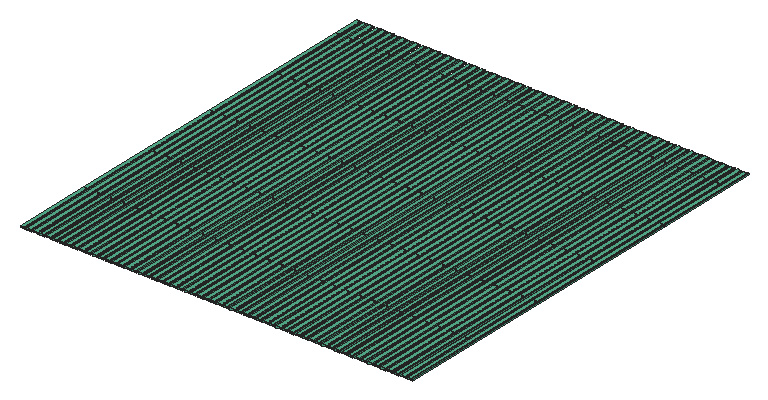
Revit family "2313-4, Softwood", category Generic Models, host Ceiling, Revit 2020
Family settings
  Host = Ceiling
  Can host rebar = No
  Round Connector Dimension = Use Diameter
  Part Type = Normal
  Always vertical = Yes
  Cut with Voids When Loaded = No
  Shared = No
  Room Calculation Point = No
Parameters
  OC SPACING [instance] = .. MEMBER WIDTH + 0' 0 3/4"  # 0' - 3"
  PROJECT WIDTH [instance] = 15' - 0"
  PROJECT LENGTH [instance] = 16' - 0"
  PANELS COUNT 2 [instance] = rounddown((PROJECT LENGTH - .. MEMBER LENGTH 3) / .. MEMBER LENGTH 2)  # 2
  PANELS COUNT [instance] = rounddown(PROJECT LENGTH / .. MEMBER LENGTH 2)  # 2
  MEMBER WIDTH COUNT 2 [instance] = (PROJECT WIDTH / OC SPACING) / 2  # 30
  .. MEMBER WIDTH COUNT [instance] = (PROJECT WIDTH / OC SPACING) / 2  # 30
  .. MEMBER MATERIAL [instance] = 9WOOD WESTERN HEMLOCK
  .. MEMBER LENGTH 4 [instance] = ((PROJECT LENGTH - .. MEMBER LENGTH 3) - (PANELS COUNT 2 * .. MEMBER LENGTH 2))  # 1' - 0"
  .. MEMBER LENGTH 3 [instance] = .. MEMBER LENGTH 2 / 2  # 3' - 0"
  INDENT [instance] = 0' - 0 5/8"
  Default Elevation = 0' - 0"
  .. MEMBER WIDTH [instance] = 0' - 2 1/4"  # constant formula
  .. MEMBER LENGTH 2 [instance] = 6' - 0"
  .. MEMBER LENGTH [instance] = PROJECT LENGTH - (PANELS COUNT * .. MEMBER LENGTH 2)  # 4' - 0"
  .. MEMBER DEPTH [instance] = 0' - 0 5/8"
Reference planes (in)
  plane 1 "Center (Front/Back)": y = 0
  plane 2 "Ceiling": z = 96
  plane 3 "Center (Left/Right)": x = 0
  plane 4: y = 72
  plane 5: y = 144
  plane 6: y = 108
  plane 7: y = 36
  plane 8: y = 192
  plane 9: y = 144
  plane 10: y = 180
  plane 11: x = 180
  plane 12: x = 3
Dimensions and locks (in)
  equal spacing: host sketch curve, plane 3 "Center (Left/Right)", host sketch curve
  equal spacing: host sketch curve, plane 1 "Center (Front/Back)", host sketch curve
  host sketch curve to host sketch curve = 10' - 0"  (x2)
  group 1 to group 2 = 0' - 0"  (x2)
  group 1 to group 2 = 6' - 0"
  ".. MEMBER LENGTH 2": plane 5 to plane 4
  ".. MEMBER LENGTH 2": plane 6 to plane 7
  "PROJECT LENGTH": plane 1 "Center (Front/Back)" to plane 8
  group 3 to group 4 = 0' - 0"  (x2)
  group 3 to group 4 = 6' - 0"
  ".. MEMBER LENGTH 3": plane 1 "Center (Front/Back)" to plane 7
  ".. MEMBER LENGTH 2": plane 1 "Center (Front/Back)" to plane 4
  ".. MEMBER LENGTH": plane 8 to plane 9
  ".. MEMBER LENGTH 4": plane 8 to plane 10
  "PROJECT WIDTH": plane 3 "Center (Left/Right)" to plane 11
  "OC SPACING": plane 3 "Center (Left/Right)" to plane 12
  aligned and locked: plane 1 "Center (Front/Back)" to nested 1
  aligned and locked: nested 2 to plane 4
  aligned and locked: nested 4 to plane 4
  aligned and locked: plane 7 to nested 3
  aligned and locked: plane 6 to nested 3
  aligned and locked: nested 6 to plane 6
  aligned and locked: nested 5 to plane 9
  aligned and locked: nested 7 to plane 10
  aligned and locked: plane 12 to nested 2
  aligned and locked: plane 12 to nested 4
  aligned and locked: plane 12 to nested 5
Nested families (in)
  nested 1: "(COPY 1) 2300 STAGGERED" at (0, 0, 85.44644), .. MEMBER DEPTH <- ".. MEMBER DEPTH", .. MEMBER WIDTH <- ".. MEMBER WIDTH", INDENT <- "INDENT", MEMBER LENGTH <- ".. MEMBER LENGTH 3", REVEAL <- "OC SPACING", MEMBER 1 COUNT <- ".. MEMBER WIDTH COUNT", .. MEMBER MATERIAL <- ".. MEMBER MATERIAL", type "(COPY 1) 2300 STAGGERED"
    with REVEAL X2 0' - 6", REVEAL 0' - 3", MEMBER LENGTH 2 1' - 6", MEMBER LENGTH 3' - 0", MEMBER COUNT 2 5, MEMBER 1 COUNT 30, INDENT 0' - 0 5/8", .. MEMBER WIDTH 0' - 2 1/4", .. MEMBER MATERIAL 9WOOD WESTERN HEMLOCK, .. MEMBER DEPTH 0' - 0 5/8"
  nested 2: "(COPY 1) 2300 STAGGERED" at (3, 0, 85.44644), .. MEMBER DEPTH <- ".. MEMBER DEPTH", .. MEMBER WIDTH <- ".. MEMBER WIDTH", INDENT <- "INDENT", MEMBER LENGTH <- ".. MEMBER LENGTH 2", MEMBER 1 COUNT <- "MEMBER WIDTH COUNT 2", REVEAL <- "OC SPACING", .. MEMBER MATERIAL <- ".. MEMBER MATERIAL", type "(COPY 1) 2300 STAGGERED"
    with REVEAL X2 0' - 6", REVEAL 0' - 3", MEMBER LENGTH 2 3' - 0", MEMBER LENGTH 6' - 0", MEMBER COUNT 2 5, MEMBER 1 COUNT 30, INDENT 0' - 0 5/8", .. MEMBER WIDTH 0' - 2 1/4", .. MEMBER MATERIAL 9WOOD WESTERN HEMLOCK, .. MEMBER DEPTH 0' - 0 5/8"
  nested 3: "(COPY 1) 2300 STAGGERED" at (0, 36, 85.44644), .. MEMBER DEPTH <- ".. MEMBER DEPTH", .. MEMBER WIDTH <- ".. MEMBER WIDTH", INDENT <- "INDENT", MEMBER LENGTH <- ".. MEMBER LENGTH 2", MEMBER 1 COUNT <- ".. MEMBER WIDTH COUNT", REVEAL <- "OC SPACING", .. MEMBER MATERIAL <- ".. MEMBER MATERIAL", type "(COPY 1) 2300 STAGGERED"
    with REVEAL X2 0' - 6", REVEAL 0' - 3", MEMBER LENGTH 2 3' - 0", MEMBER LENGTH 6' - 0", MEMBER COUNT 2 5, MEMBER 1 COUNT 30, INDENT 0' - 0 5/8", .. MEMBER WIDTH 0' - 2 1/4", .. MEMBER MATERIAL 9WOOD WESTERN HEMLOCK, .. MEMBER DEPTH 0' - 0 5/8"
  nested 4: "(COPY 1) 2300 STAGGERED" at (3, 72, 85.44644), .. MEMBER DEPTH <- ".. MEMBER DEPTH", .. MEMBER WIDTH <- ".. MEMBER WIDTH", INDENT <- "INDENT", MEMBER LENGTH <- ".. MEMBER LENGTH 2", MEMBER 1 COUNT <- "MEMBER WIDTH COUNT 2", REVEAL <- "OC SPACING", .. MEMBER MATERIAL <- ".. MEMBER MATERIAL", type "(COPY 1) 2300 STAGGERED"
    with REVEAL X2 0' - 6", REVEAL 0' - 3", MEMBER LENGTH 2 3' - 0", MEMBER LENGTH 6' - 0", MEMBER COUNT 2 5, MEMBER 1 COUNT 30, INDENT 0' - 0 5/8", .. MEMBER WIDTH 0' - 2 1/4", .. MEMBER MATERIAL 9WOOD WESTERN HEMLOCK, .. MEMBER DEPTH 0' - 0 5/8"
  nested 5: "(COPY 1) 2300 STAGGERED" at (3, 144, 85.44644), .. MEMBER DEPTH <- ".. MEMBER DEPTH", .. MEMBER WIDTH <- ".. MEMBER WIDTH", INDENT <- "INDENT", MEMBER LENGTH <- ".. MEMBER LENGTH", REVEAL <- "OC SPACING", MEMBER 1 COUNT <- "MEMBER WIDTH COUNT 2", .. MEMBER MATERIAL <- ".. MEMBER MATERIAL", type "(COPY 1) 2300 STAGGERED"
    with REVEAL X2 0' - 6", REVEAL 0' - 3", MEMBER LENGTH 2 2' - 0", MEMBER LENGTH 4' - 0", MEMBER COUNT 2 5, MEMBER 1 COUNT 30, INDENT 0' - 0 5/8", .. MEMBER WIDTH 0' - 2 1/4", .. MEMBER MATERIAL 9WOOD WESTERN HEMLOCK, .. MEMBER DEPTH 0' - 0 5/8"
  nested 6: "(COPY 1) 2300 STAGGERED" at (0, 108, 85.44644), .. MEMBER DEPTH <- ".. MEMBER DEPTH", .. MEMBER WIDTH <- ".. MEMBER WIDTH", INDENT <- "INDENT", MEMBER LENGTH <- ".. MEMBER LENGTH 2", MEMBER 1 COUNT <- ".. MEMBER WIDTH COUNT", REVEAL <- "OC SPACING", .. MEMBER MATERIAL <- ".. MEMBER MATERIAL", type "(COPY 1) 2300 STAGGERED"
    with REVEAL X2 0' - 6", REVEAL 0' - 3", MEMBER LENGTH 2 3' - 0", MEMBER LENGTH 6' - 0", MEMBER COUNT 2 5, MEMBER 1 COUNT 30, INDENT 0' - 0 5/8", .. MEMBER WIDTH 0' - 2 1/4", .. MEMBER MATERIAL 9WOOD WESTERN HEMLOCK, .. MEMBER DEPTH 0' - 0 5/8"
  nested 7: "(COPY 1) 2300 STAGGERED" at (0, 180, 85.44644), .. MEMBER DEPTH <- ".. MEMBER DEPTH", .. MEMBER WIDTH <- ".. MEMBER WIDTH", INDENT <- "INDENT", MEMBER LENGTH <- ".. MEMBER LENGTH 4", REVEAL <- "OC SPACING", MEMBER 1 COUNT <- ".. MEMBER WIDTH COUNT", .. MEMBER MATERIAL <- ".. MEMBER MATERIAL", type "(COPY 1) 2300 STAGGERED"
    with REVEAL X2 0' - 6", REVEAL 0' - 3", MEMBER LENGTH 2 0' - 6", MEMBER LENGTH 1' - 0", MEMBER COUNT 2 3, MEMBER 1 COUNT 30, INDENT 0' - 0 5/8", .. MEMBER WIDTH 0' - 2 1/4", .. MEMBER MATERIAL 9WOOD WESTERN HEMLOCK, .. MEMBER DEPTH 0' - 0 5/8"
Definition of nested family "(COPY 1) 2300 STAGGERED"
  Parameters (values of type "(COPY 1) 2300 STAGGERED")
    REVEAL X2 [instance] = REVEAL * 2  # 0' - 8"
    REVEAL [instance] = 0' - 4"
    MEMBER LENGTH 2 [instance] = MEMBER LENGTH / 2  # 3' - 0"
    MEMBER LENGTH [instance] = 6' - 0"
    MEMBER COUNT 2 [instance] = 5
    MEMBER 1 COUNT [instance] = 5
    INDENT [instance] = 0' - 0 5/8"
    Default Elevation = 0' - 0"
    .. MEMBER WIDTH [instance] = 0' - 3 1/4"
    .. MEMBER MATERIAL [instance] = none
    .. MEMBER DEPTH [instance] = 0' - 0 3/4"
  Reference planes (in)
    plane 1 "Center (Front/Back)": y = 0
    plane 2: z = 0
    plane 3 "Center (Left/Right)": x = 0
    plane 4: x = 8
    plane 5: x = 4
    plane 6: x = 12
  Dimensions and locks (in)
    equal spacing: group 1, group 2, group 3, group 4, group 5  (x3)
    "REVEAL X2": plane 3 "Center (Left/Right)" to plane 4
    "REVEAL": plane 3 "Center (Left/Right)" to plane 5
    "REVEAL X2": plane 5 to plane 6
    aligned and locked: plane 2 to level
    aligned and locked: plane 4 to nested 2
    aligned and locked: plane 1 "Center (Front/Back)" to nested 1
    aligned and locked: plane 1 "Center (Front/Back)" to nested 2
    aligned and locked: nested 2 to plane 4
  Nested families (in)
    nested 1: "2300 DEV" at (0, 0, 0), MEMBER LENGTH <- "MEMBER LENGTH", MEMBER MATERIAL <- ".. MEMBER MATERIAL", MEMBER WIDTH <- ".. MEMBER WIDTH", MEMBER DEPTH <- ".. MEMBER DEPTH", INDENT <- "INDENT", type "2300 DEV"
      with MEMBER WIDTH 0' - 3 1/4", MEMBER MATERIAL none, MEMBER LENGTH 6' - 0", MEMBER DEPTH 0' - 0 3/4", INDENT 0' - 0 5/8"
    nested 2: "2300 DEV" at (8, 0, 0), MEMBER LENGTH <- "MEMBER LENGTH", MEMBER MATERIAL <- ".. MEMBER MATERIAL", MEMBER WIDTH <- ".. MEMBER WIDTH", MEMBER DEPTH <- ".. MEMBER DEPTH", INDENT <- "INDENT", type "2300 DEV"
      with MEMBER WIDTH 0' - 3 1/4", MEMBER MATERIAL none, MEMBER LENGTH 6' - 0", MEMBER DEPTH 0' - 0 3/4", INDENT 0' - 0 5/8"
    nested 3: "2300 DEV" at (16, 0, 0), MEMBER LENGTH <- "MEMBER LENGTH", MEMBER MATERIAL <- ".. MEMBER MATERIAL", MEMBER WIDTH <- ".. MEMBER WIDTH", MEMBER DEPTH <- ".. MEMBER DEPTH", INDENT <- "INDENT", type "2300 DEV"
      with MEMBER WIDTH 0' - 3 1/4", MEMBER MATERIAL none, MEMBER LENGTH 6' - 0", MEMBER DEPTH 0' - 0 3/4", INDENT 0' - 0 5/8"
    nested 4: "2300 DEV" at (24, 0, 0), MEMBER LENGTH <- "MEMBER LENGTH", MEMBER MATERIAL <- ".. MEMBER MATERIAL", MEMBER WIDTH <- ".. MEMBER WIDTH", MEMBER DEPTH <- ".. MEMBER DEPTH", INDENT <- "INDENT", type "2300 DEV"
      with MEMBER WIDTH 0' - 3 1/4", MEMBER MATERIAL none, MEMBER LENGTH 6' - 0", MEMBER DEPTH 0' - 0 3/4", INDENT 0' - 0 5/8"
    nested 5: "2300 DEV" at (32, 0, 0), MEMBER LENGTH <- "MEMBER LENGTH", MEMBER MATERIAL <- ".. MEMBER MATERIAL", MEMBER WIDTH <- ".. MEMBER WIDTH", MEMBER DEPTH <- ".. MEMBER DEPTH", INDENT <- "INDENT", type "2300 DEV"
      with MEMBER WIDTH 0' - 3 1/4", MEMBER MATERIAL none, MEMBER LENGTH 6' - 0", MEMBER DEPTH 0' - 0 3/4", INDENT 0' - 0 5/8"
  Definition of nested family "2300 DEV"
    Parameters (values of type "2300 DEV")
      MEMBER WIDTH [instance] = 0' - 2 1/4"
      MEMBER MATERIAL [instance] = none
      MEMBER LENGTH [instance] = 2' - 6"
      MEMBER DEPTH [instance] = 0' - 0 5/8"
      INDENT [instance] = 0' - 0 5/8"
      Default Elevation = 0' - 0"
    Reference planes (in)
      plane 1 "Center (Front/Back)": y = 0
      plane 2: z = 10.55356
      plane 3 "Center (Left/Right)": x = 0
      plane 4: x = 2.25
      plane 5: x = 1.625
      plane 6: x = 0.625
      plane 7: z = 9.92856
      plane 8: x = 0.25
      plane 9: x = 2
      plane 10: y = 30
    Forms (in)
      Extrusion 1, void, not visible
        sketch origin (-0.375, 0, 0) x (1, 0, 0) y (0, 0, 1)
          loop
            line (4.125, 11.30356) -> (4.125, 11.17856) -> (4.0625, 11.11606) -> (3.75, 11.11606) -> (3.75, 10.92856) -> (4.25, 10.92856) -> (4.65478, 10.92856) -> (4.65478, 11.30356) -> (4.25, 11.30356) -> (4.125, 11.30356)
        from 0 to 30
      Extrusion 2, void, not visible
        sketch origin (4.5, 0, 0) x (-1, 0, 0) y (0, 0, 1)
          loop
            line (4.5, 11.30356) -> (4.25, 11.30356) -> (4.25, 11.17856) -> (4.1875, 11.11606) -> (3.875, 11.11606) -> (3.875, 10.92856) -> (4.78125, 10.92856) -> (4.78125, 11.30356) -> (4.5, 11.30356)
        from 0 to 30
      Extrusion 3, solid, material <- "MEMBER MATERIAL"
        sketch origin (0, 0, -0.75) x (1, 0, 0) y (0, 0, 1)
          loop
            line (0, 11.30356) -> (0, 10.67856) -> (2.25, 10.67856) -> (2.25, 11.30356) -> (0, 11.30356)
        from 0 to -30
      Extrusion 4, void
        sketch origin (0, 0, 0) x (1, 0, 0) y (0, 0, 1)
          loop
            line (2.53125, 10.55356) -> (2, 10.55356) -> (2, 10.42856) -> (1.9375, 10.36606) -> (1.625, 10.36606) -> (1.625, 10.17856) -> (2.53125, 10.17856) -> (2.53125, 10.55356)
        from 0 to -30
      Extrusion 5, void, not visible
        sketch origin (0, 0, 0) x (1, 0, 0) y (0, 0, 1)
          loop
            line (2.53125, 10.55356) -> (2, 10.55356) -> (2, 10.42856) -> (1.9375, 10.36606) -> (1.625, 10.36606) -> (1.625, 10.17856) -> (2.53125, 10.17856) -> (2.53125, 10.55356)
        from 0 to 12
      Extrusion 6, void
        sketch origin (0, 0, 0) x (1, 0, 0) y (0, 0, 1)
          loop
            line (-0.28125, 10.55356) -> (-0.28125, 10.17856) -> (0.625, 10.17856) -> (0.625, 10.36606) -> (0.3125, 10.36606) -> (0.25, 10.42856) -> (0.25, 10.55356) -> (-0.28125, 10.55356)
        from 0 to -30
    Cuts and joins
      Extrusion 4, Extrusion 6 cuts Extrusion 3
    Lines and regions (in)
      model lines, not visible
        curve 1: line (9.45582, 0, 10.55356) -> (14.70582, 0, 10.55356)
        curve 2: line (14.70582, 0, 10.55356) -> (14.70582, 0, 10.92856)
        curve 3: line (14.70582, 0, 10.92856) -> (14.20582, 0, 10.92856)
        curve 4: line (14.20582, 0, 10.92856) -> (14.20582, 0, 11.11606)
        curve 5: line (14.20582, 0, 11.11606) -> (14.51832, 0, 11.11606)
        curve 6: line (14.58082, 0, 11.30356) -> (14.58082, 0, 11.17856)
        curve 7: line (14.58082, 0, 11.17856) -> (14.51832, 0, 11.11606)
        curve 8: line (14.58082, 0, 11.30356) -> (9.58082, 0, 11.30356)
        curve 9: line (9.45582, 0, 10.55356) -> (9.45582, 0, 10.92856)
        curve 10: line (9.45582, 0, 10.92856) -> (9.95582, 0, 10.92856)
        curve 11: line (9.95582, 0, 10.92856) -> (9.95582, 0, 11.11606)
        curve 12: line (9.95582, 0, 11.11606) -> (9.64332, 0, 11.11606)
        curve 13: line (9.58082, 0, 11.30356) -> (9.58082, 0, 11.17856)
        curve 14: line (9.58082, 0, 11.17856) -> (9.64332, 0, 11.11606)
        curve 15: line (5.25, 0, 10.55356) -> (5.25, 0, 10.92856)
        curve 16: line (5.25, 0, 10.92856) -> (4.75, 0, 10.92856)
        curve 17: line (4.75, 0, 10.92856) -> (4.75, 0, 11.11606)
        curve 18: line (4.75, 0, 11.11606) -> (5.0625, 0, 11.11606)
        curve 19: line (5.125, 0, 11.30356) -> (5.125, 0, 11.17856)
        curve 20: line (5.125, 0, 11.17856) -> (5.0625, 0, 11.11606)
    Dimensions and locks (in)
      "MEMBER WIDTH": plane 3 "Center (Left/Right)" to plane 4
      "INDENT": plane 4 to plane 5
      "INDENT": plane 6 to plane 3 "Center (Left/Right)"
      "MEMBER DEPTH": plane 7 to level
      locked: plane 5 to plane 9 at 0.375
      locked: plane 8 to plane 6 at 0.375
      "MEMBER LENGTH": plane 1 "Center (Front/Back)" to plane 10
      aligned and locked: plane 2 to level
      aligned and locked: Extrusion 3 sketch curve to plane 4
      aligned and locked: plane 7 to Extrusion 3
      aligned and locked: level to Extrusion 3
      aligned and locked: Extrusion 3 to plane 1 "Center (Front/Back)"
      aligned and locked: cut or joined group of Extrusion 3, Extrusion 4, Extrusion 6 to plane 5
      aligned and locked: plane 6 to cut or joined group of Extrusion 3, Extrusion 4, Extrusion 6
      aligned and locked: plane 1 "Center (Front/Back)" to cut or joined group of Extrusion 3, Extrusion 4, Extrusion 6
      aligned and locked: plane 9 to cut or joined group of Extrusion 3, Extrusion 4, Extrusion 6
      aligned and locked: plane 8 to cut or joined group of Extrusion 3, Extrusion 4, Extrusion 6
      aligned and locked: plane 10 to cut or joined group of Extrusion 3, Extrusion 4, Extrusion 6
      aligned and locked: plane 10 to Extrusion 4
      aligned and locked: plane 10 to Extrusion 6
    Automatic sketch dimensions
      Extrusion 1 sketch curve to Extrusion 1 sketch curve = 0' - 0 1/16"  (x2)
      Extrusion 1 sketch curve to Extrusion 1 sketch curve = 0' - 0.40478"
      Extrusion 1 sketch curve to Extrusion 1 sketch curve = 0' - 0 3/16"  (x2)
      Extrusion 1 sketch curve to Extrusion 1 sketch curve = 0' - 0 1/8"  (x2)
      Extrusion 1 sketch curve to Extrusion 1 sketch curve = 0' - 0 5/16"
      Extrusion 2 sketch curve to Extrusion 2 sketch curve = 0' - 0 3/16"  (x2)
      Extrusion 2 sketch curve to Extrusion 2 sketch curve = 0' - 0 1/16"  (x2)
      Extrusion 2 sketch curve to Extrusion 2 sketch curve = 0' - 0 9/32"
      Extrusion 2 sketch curve to Extrusion 2 sketch curve = 0' - 0 1/4"
      Extrusion 2 sketch curve to Extrusion 2 sketch curve = 0' - 0 5/16"
      Extrusion 4 sketch curve to Extrusion 4 sketch curve = 0' - 0 5/16"
      Extrusion 4 sketch curve to Extrusion 4 sketch curve = 0' - 0 1/16"  (x2)
      Extrusion 4 sketch curve to Extrusion 4 sketch curve = 0' - 0 3/16"
      Extrusion 4 sketch curve to Extrusion 4 sketch curve = 0' - 0 17/32"
      Extrusion 4 sketch curve to Extrusion 4 sketch curve = 0' - 0 3/8"
      Extrusion 5 sketch curve to Extrusion 5 sketch curve = 0' - 0 5/16"
      Extrusion 5 sketch curve to Extrusion 5 sketch curve = 0' - 0 1/16"  (x2)
      Extrusion 5 sketch curve to Extrusion 5 sketch curve = 0' - 0 3/16"
      Extrusion 5 sketch curve to Extrusion 5 sketch curve = 0' - 0 17/32"
      Extrusion 5 sketch curve to Extrusion 5 sketch curve = 0' - 0 3/8"
      Extrusion 6 sketch curve to Extrusion 6 sketch curve = 0' - 0 5/16"
      Extrusion 6 sketch curve to Extrusion 6 sketch curve = 0' - 0 1/16"  (x2)
      Extrusion 6 sketch curve to Extrusion 6 sketch curve = 0' - 0 3/16"
      Extrusion 6 sketch curve to Extrusion 6 sketch curve = 0' - 0 17/32"
      Extrusion 6 sketch curve to Extrusion 6 sketch curve = 0' - 0 3/8"
      Extrusion 3 sketch curve to plane 3 "Center (Left/Right)" = 0' - 0"
      Extrusion 3 sketch curve to plane 7 = 0' - 0"
      Extrusion 3 sketch curve to level = 0' - 0"
      Extrusion 4 sketch curve to plane 5 = 0' - 0"
      Extrusion 4 sketch curve to level = 0' - 0"
      Extrusion 6 sketch curve to level = 0' - 0"
      Extrusion 6 sketch curve to plane 6 = 0' - 0"
